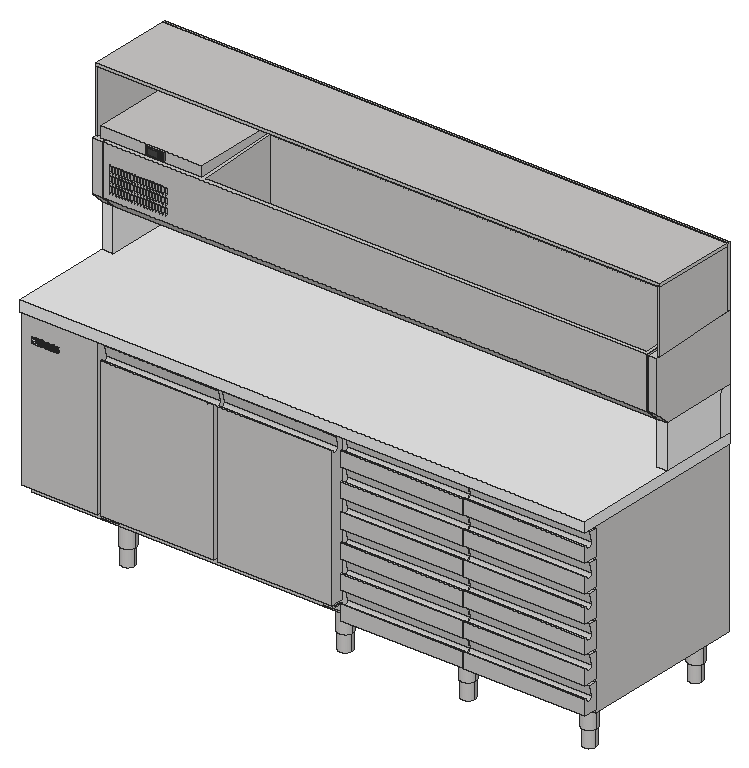
Revit family "QF_ELECTROLUXPROFESSIONAL_725189_RCSH2D12W", category Attrezzature speciali, Revit 2021 (continued)
Definition of nested family "ELX_REF_PZ"
  Lines and regions (mm)
    Split face 27
      outline origin (110, -152, 50) x (1, 0, 0) y (0, 1, 0)
        loop
          arc (-176.464, 195.824) -> (-172.464, 199.824) -> (-176.464, 203.824) r 4
          line (-176.464, 203.824) -> (-218.464, 203.824)
    Split face 28
      outline origin (220, -152, 50) x (1, 0, 0) y (0, 1, 0)
        loop
          arc (-273.464, 203.824) -> (-277.464, 199.824) -> (-273.464, 195.824) r 4
          line (-273.464, 195.824) -> (-231.464, 195.824)
          arc (-231.464, 195.824) -> (-227.464, 199.824) -> (-231.464, 203.824) r 4
          line (-231.464, 203.824) -> (-273.464, 203.824)
    Split face 29
      outline origin (0, -176, 50) x (1, 0, 0) y (0, 1, 0)
        loop
          arc (-163.464, 215.824) -> (-167.464, 211.824) -> (-163.464, 207.824) r 4
          line (-163.464, 207.824) -> (-121.464, 207.824)
          arc (-121.464, 207.824) -> (-117.464, 211.824) -> (-121.464, 215.824) r 4
          line (-121.464, 215.824) -> (-163.464, 215.824)
    Split face 30
      outline origin (330, -176, 50) x (1, 0, 0) y (0, 1, 0)
        loop
          arc (-328.464, 215.824) -> (-332.464, 211.824) -> (-328.464, 207.824) r 4
          line (-328.464, 207.824) -> (-286.464, 207.824)
          arc (-286.464, 207.824) -> (-282.464, 211.824) -> (-286.464, 215.824) r 4
          line (-286.464, 215.824) -> (-328.464, 215.824)
    Split face 31
      outline origin (110, -176, 50) x (1, 0, 0) y (0, 1, 0)
        loop
          arc (-218.464, 215.824) -> (-222.464, 211.824) -> (-218.464, 207.824) r 4
          line (-218.464, 207.824) -> (-176.464, 207.824)
          arc (-176.464, 207.824) -> (-172.464, 211.824) -> (-176.464, 215.824) r 4
          line (-176.464, 215.824) -> (-218.464, 215.824)
    Split face 32
      outline origin (220, -176, 50) x (1, 0, 0) y (0, 1, 0)
        loop
          arc (-273.464, 215.824) -> (-277.464, 211.824) -> (-273.464, 207.824) r 4
          line (-273.464, 207.824) -> (-231.464, 207.824)
          arc (-231.464, 207.824) -> (-227.464, 211.824) -> (-231.464, 215.824) r 4
          line (-231.464, 215.824) -> (-273.464, 215.824)
    Split face 33
      outline origin (0, -200, 50) x (1, 0, 0) y (0, 1, 0)
        loop
          arc (-163.464, 227.824) -> (-167.464, 223.824) -> (-163.464, 219.824) r 4
          line (-163.464, 219.824) -> (-121.464, 219.824)
          arc (-121.464, 219.824) -> (-117.464, 223.824) -> (-121.464, 227.824) r 4
          line (-121.464, 227.824) -> (-163.464, 227.824)
    Split face 34
      outline origin (330, -200, 50) x (1, 0, 0) y (0, 1, 0)
        loop
          arc (-328.464, 227.824) -> (-332.464, 223.824) -> (-328.464, 219.824) r 4
          line (-328.464, 219.824) -> (-286.464, 219.824)
          arc (-286.464, 219.824) -> (-282.464, 223.824) -> (-286.464, 227.824) r 4
          line (-286.464, 227.824) -> (-328.464, 227.824)
    Split face 35
      outline origin (110, -200, 50) x (1, 0, 0) y (0, 1, 0)
        loop
          arc (-218.464, 227.824) -> (-222.464, 223.824) -> (-218.464, 219.824) r 4
          line (-218.464, 219.824) -> (-176.464, 219.824)
          arc (-176.464, 219.824) -> (-172.464, 223.824) -> (-176.464, 227.824) r 4
          line (-176.464, 227.824) -> (-218.464, 227.824)
    Split face 36
      outline origin (220, -200, 50) x (1, 0, 0) y (0, 1, 0)
        loop
          arc (-273.464, 227.824) -> (-277.464, 223.824) -> (-273.464, 219.824) r 4
          line (-273.464, 219.824) -> (-231.464, 219.824)
          arc (-231.464, 219.824) -> (-227.464, 223.824) -> (-231.464, 227.824) r 4
          line (-231.464, 227.824) -> (-273.464, 227.824)
    Split face 37
      outline origin (0, -224, 50) x (1, 0, 0) y (0, 1, 0)
        loop
          arc (-163.464, 239.824) -> (-167.464, 235.824) -> (-163.464, 231.824) r 4
          line (-163.464, 231.824) -> (-121.464, 231.824)
          arc (-121.464, 231.824) -> (-117.464, 235.824) -> (-121.464, 239.824) r 4
          line (-121.464, 239.824) -> (-163.464, 239.824)
    Split face 38
      outline origin (330, -224, 50) x (1, 0, 0) y (0, 1, 0)
        loop
          arc (-328.464, 239.824) -> (-332.464, 235.824) -> (-328.464, 231.824) r 4
          line (-328.464, 231.824) -> (-286.464, 231.824)
          arc (-286.464, 231.824) -> (-282.464, 235.824) -> (-286.464, 239.824) r 4
          line (-286.464, 239.824) -> (-328.464, 239.824)
    Split face 39
      outline origin (110, -224, 50) x (1, 0, 0) y (0, 1, 0)
        loop
          arc (-218.464, 239.824) -> (-222.464, 235.824) -> (-218.464, 231.824) r 4
          line (-218.464, 231.824) -> (-176.464, 231.824)
          arc (-176.464, 231.824) -> (-172.464, 235.824) -> (-176.464, 239.824) r 4
          line (-176.464, 239.824) -> (-218.464, 239.824)
    Split face 40
      outline origin (220, -224, 50) x (1, 0, 0) y (0, 1, 0)
        loop
          arc (-273.464, 239.824) -> (-277.464, 235.824) -> (-273.464, 231.824) r 4
          line (-273.464, 231.824) -> (-231.464, 231.824)
          arc (-231.464, 231.824) -> (-227.464, 235.824) -> (-231.464, 239.824) r 4
          line (-231.464, 239.824) -> (-273.464, 239.824)
    Split face 41
      outline origin (0, -248, 50) x (1, 0, 0) y (0, 1, 0)
        loop
          arc (-163.464, 251.824) -> (-167.464, 247.824) -> (-163.464, 243.824) r 4
          line (-163.464, 243.824) -> (-121.464, 243.824)
          arc (-121.464, 243.824) -> (-117.464, 247.824) -> (-121.464, 251.824) r 4
          line (-121.464, 251.824) -> (-163.464, 251.824)
    Split face 42
      outline origin (330, -248, 50) x (1, 0, 0) y (0, 1, 0)
        loop
          arc (-328.464, 251.824) -> (-332.464, 247.824) -> (-328.464, 243.824) r 4
          line (-328.464, 243.824) -> (-286.464, 243.824)
          arc (-286.464, 243.824) -> (-282.464, 247.824) -> (-286.464, 251.824) r 4
          line (-286.464, 251.824) -> (-328.464, 251.824)
    Split face 43
      outline origin (110, -248, 50) x (1, 0, 0) y (0, 1, 0)
        loop
          arc (-218.464, 251.824) -> (-222.464, 247.824) -> (-218.464, 243.824) r 4
          line (-218.464, 243.824) -> (-176.464, 243.824)
          arc (-176.464, 243.824) -> (-172.464, 247.824) -> (-176.464, 251.824) r 4
          line (-176.464, 251.824) -> (-218.464, 251.824)
    Split face 44
      outline origin (220, -248, 50) x (1, 0, 0) y (0, 1, 0)
        loop
          arc (-273.464, 251.824) -> (-277.464, 247.824) -> (-273.464, 243.824) r 4
          line (-273.464, 243.824) -> (-231.464, 243.824)
          arc (-231.464, 243.824) -> (-227.464, 247.824) -> (-231.464, 251.824) r 4
          line (-231.464, 251.824) -> (-273.464, 251.824)
    Split face 45
      outline origin (0, -272, 50) x (1, 0, 0) y (0, 1, 0)
        loop
          arc (-163.464, 263.824) -> (-167.464, 259.824) -> (-163.464, 255.824) r 4
          line (-163.464, 255.824) -> (-121.464, 255.824)
          arc (-121.464, 255.824) -> (-117.464, 259.824) -> (-121.464, 263.824) r 4
          line (-121.464, 263.824) -> (-163.464, 263.824)
    Split face 46
      outline origin (330, -272, 50) x (1, 0, 0) y (0, 1, 0)
        loop
          arc (-328.464, 263.824) -> (-332.464, 259.824) -> (-328.464, 255.824) r 4
          line (-328.464, 255.824) -> (-286.464, 255.824)
          arc (-286.464, 255.824) -> (-282.464, 259.824) -> (-286.464, 263.824) r 4
          line (-286.464, 263.824) -> (-328.464, 263.824)
    Split face 47
      outline origin (110, -272, 50) x (1, 0, 0) y (0, 1, 0)
        loop
          arc (-218.464, 263.824) -> (-222.464, 259.824) -> (-218.464, 255.824) r 4
          line (-218.464, 255.824) -> (-176.464, 255.824)
          arc (-176.464, 255.824) -> (-172.464, 259.824) -> (-176.464, 263.824) r 4
          line (-176.464, 263.824) -> (-218.464, 263.824)
    Split face 48
      outline origin (220, -272, 50) x (1, 0, 0) y (0, 1, 0)
        loop
          arc (-273.464, 263.824) -> (-277.464, 259.824) -> (-273.464, 255.824) r 4
          line (-273.464, 255.824) -> (-231.464, 255.824)
          arc (-231.464, 255.824) -> (-227.464, 259.824) -> (-231.464, 263.824) r 4
          line (-231.464, 263.824) -> (-273.464, 263.824)
    Split face 49
      outline origin (0, -296, 50) x (1, 0, 0) y (0, 1, 0)
        loop
          arc (-163.464, 275.824) -> (-167.464, 271.824) -> (-163.464, 267.824) r 4
          line (-163.464, 267.824) -> (-121.464, 267.824)
          arc (-121.464, 267.824) -> (-117.464, 271.824) -> (-121.464, 275.824) r 4
          line (-121.464, 275.824) -> (-163.464, 275.824)
    Split face 50
      outline origin (330, -296, 50) x (1, 0, 0) y (0, 1, 0)
        loop
          arc (-328.464, 275.824) -> (-332.464, 271.824) -> (-328.464, 267.824) r 4
          line (-328.464, 267.824) -> (-286.464, 267.824)
          arc (-286.464, 267.824) -> (-282.464, 271.824) -> (-286.464, 275.824) r 4
          line (-286.464, 275.824) -> (-328.464, 275.824)
    Split face 51
      outline origin (110, -296, 50) x (1, 0, 0) y (0, 1, 0)
        loop
          arc (-218.464, 275.824) -> (-222.464, 271.824) -> (-218.464, 267.824) r 4
          line (-218.464, 267.824) -> (-176.464, 267.824)
          arc (-176.464, 267.824) -> (-172.464, 271.824) -> (-176.464, 275.824) r 4
          line (-176.464, 275.824) -> (-218.464, 275.824)
    Split face 52
      outline origin (220, -296, 50) x (1, 0, 0) y (0, 1, 0)
        loop
          arc (-273.464, 275.824) -> (-277.464, 271.824) -> (-273.464, 267.824) r 4
          line (-273.464, 267.824) -> (-231.464, 267.824)
          arc (-231.464, 267.824) -> (-227.464, 271.824) -> (-231.464, 275.824) r 4
          line (-231.464, 275.824) -> (-273.464, 275.824)
    Split face 53
      outline origin (0, -663.3, 50) x (1, 0, 0) y (0, 1, 0)
        loop
          arc (-163.464, 513.474) -> (-167.464, 509.474) -> (-163.464, 505.474) r 4
          line (-163.464, 505.474) -> (-121.464, 505.474)
          arc (-121.464, 505.474) -> (-117.464, 509.474) -> (-121.464, 513.474) r 4
          line (-121.464, 513.474) -> (-163.464, 513.474)
    Split face 54
      outline origin (330, -663.3, 50) x (1, 0, 0) y (0, 1, 0)
        loop
          arc (-328.464, 513.474) -> (-332.464, 509.474) -> (-328.464, 505.474) r 4
          line (-328.464, 505.474) -> (-286.464, 505.474)
          arc (-286.464, 505.474) -> (-282.464, 509.474) -> (-286.464, 513.474) r 4
          line (-286.464, 513.474) -> (-328.464, 513.474)
    Split face 55
      outline origin (110, -663.3, 50) x (1, 0, 0) y (0, 1, 0)
        loop
          arc (-218.464, 513.474) -> (-222.464, 509.474) -> (-218.464, 505.474) r 4
          line (-218.464, 505.474) -> (-176.464, 505.474)
          arc (-176.464, 505.474) -> (-172.464, 509.474) -> (-176.464, 513.474) r 4
          line (-176.464, 513.474) -> (-218.464, 513.474)
    Split face 56
      outline origin (220, -663.3, 50) x (1, 0, 0) y (0, 1, 0)
        loop
          arc (-273.464, 513.474) -> (-277.464, 509.474) -> (-273.464, 505.474) r 4
          line (-273.464, 505.474) -> (-231.464, 505.474)
          arc (-231.464, 505.474) -> (-227.464, 509.474) -> (-231.464, 513.474) r 4
          line (-231.464, 513.474) -> (-273.464, 513.474)
    Split face 57
      outline origin (0, -687.3, 50) x (1, 0, 0) y (0, 1, 0)
        loop
          arc (-163.464, 525.474) -> (-167.464, 521.474) -> (-163.464, 517.474) r 4
          line (-163.464, 517.474) -> (-121.464, 517.474)
          arc (-121.464, 517.474) -> (-117.464, 521.474) -> (-121.464, 525.474) r 4
          line (-121.464, 525.474) -> (-163.464, 525.474)
    Split face 58
      outline origin (330, -687.3, 50) x (1, 0, 0) y (0, 1, 0)
        loop
          arc (-328.464, 525.474) -> (-332.464, 521.474) -> (-328.464, 517.474) r 4
          line (-328.464, 517.474) -> (-286.464, 517.474)
          arc (-286.464, 517.474) -> (-282.464, 521.474) -> (-286.464, 525.474) r 4
          line (-286.464, 525.474) -> (-328.464, 525.474)
    Split face 59
      outline origin (110, -687.3, 50) x (1, 0, 0) y (0, 1, 0)
        loop
          arc (-218.464, 525.474) -> (-222.464, 521.474) -> (-218.464, 517.474) r 4
          line (-218.464, 517.474) -> (-176.464, 517.474)
          arc (-176.464, 517.474) -> (-172.464, 521.474) -> (-176.464, 525.474) r 4
          line (-176.464, 525.474) -> (-218.464, 525.474)
    Split face 60
      outline origin (220, -687.3, 50) x (1, 0, 0) y (0, 1, 0)
        loop
          arc (-273.464, 525.474) -> (-277.464, 521.474) -> (-273.464, 517.474) r 4
          line (-273.464, 517.474) -> (-231.464, 517.474)
          arc (-231.464, 517.474) -> (-227.464, 521.474) -> (-231.464, 525.474) r 4
          line (-231.464, 525.474) -> (-273.464, 525.474)
    Split face 61
      outline origin (0, -711.3, 50) x (1, 0, 0) y (0, 1, 0)
        loop
          arc (-163.464, 537.474) -> (-167.464, 533.474) -> (-163.464, 529.474) r 4
          line (-163.464, 529.474) -> (-121.464, 529.474)
          arc (-121.464, 529.474) -> (-117.464, 533.474) -> (-121.464, 537.474) r 4
          line (-121.464, 537.474) -> (-163.464, 537.474)
    Split face 62
      outline origin (330, -711.3, 50) x (1, 0, 0) y (0, 1, 0)
        loop
          arc (-328.464, 537.474) -> (-332.464, 533.474) -> (-328.464, 529.474) r 4
          line (-328.464, 529.474) -> (-286.464, 529.474)
          arc (-286.464, 529.474) -> (-282.464, 533.474) -> (-286.464, 537.474) r 4
          line (-286.464, 537.474) -> (-328.464, 537.474)
    Split face 63
      outline origin (110, -711.3, 50) x (1, 0, 0) y (0, 1, 0)
        loop
          arc (-218.464, 537.474) -> (-222.464, 533.474) -> (-218.464, 529.474) r 4
          line (-218.464, 529.474) -> (-176.464, 529.474)
          arc (-176.464, 529.474) -> (-172.464, 533.474) -> (-176.464, 537.474) r 4
          line (-176.464, 537.474) -> (-218.464, 537.474)
    Split face 64
      outline origin (220, -711.3, 50) x (1, 0, 0) y (0, 1, 0)
        loop
          arc (-273.464, 537.474) -> (-277.464, 533.474) -> (-273.464, 529.474) r 4
          line (-273.464, 529.474) -> (-231.464, 529.474)
          arc (-231.464, 529.474) -> (-227.464, 533.474) -> (-231.464, 537.474) r 4
          line (-231.464, 537.474) -> (-273.464, 537.474)
    Split face 65
      outline origin (0, -735.3, 50) x (1, 0, 0) y (0, 1, 0)
        loop
          arc (-163.464, 549.474) -> (-167.464, 545.474) -> (-163.464, 541.474) r 4
          line (-163.464, 541.474) -> (-121.464, 541.474)
          arc (-121.464, 541.474) -> (-117.464, 545.474) -> (-121.464, 549.474) r 4
          line (-121.464, 549.474) -> (-163.464, 549.474)
    Split face 66
      outline origin (330, -735.3, 50) x (1, 0, 0) y (0, 1, 0)
        loop
          arc (-328.464, 549.474) -> (-332.464, 545.474) -> (-328.464, 541.474) r 4
          line (-328.464, 541.474) -> (-286.464, 541.474)
          arc (-286.464, 541.474) -> (-282.464, 545.474) -> (-286.464, 549.474) r 4
          line (-286.464, 549.474) -> (-328.464, 549.474)
    Split face 67
      outline origin (110, -735.3, 50) x (1, 0, 0) y (0, 1, 0)
        loop
          arc (-218.464, 549.474) -> (-222.464, 545.474) -> (-218.464, 541.474) r 4
          line (-218.464, 541.474) -> (-176.464, 541.474)
          arc (-176.464, 541.474) -> (-172.464, 545.474) -> (-176.464, 549.474) r 4
          line (-176.464, 549.474) -> (-218.464, 549.474)
    Split face 68
      outline origin (220, -735.3, 50) x (1, 0, 0) y (0, 1, 0)
        loop
          arc (-273.464, 549.474) -> (-277.464, 545.474) -> (-273.464, 541.474) r 4
          line (-273.464, 541.474) -> (-231.464, 541.474)
          arc (-231.464, 541.474) -> (-227.464, 545.474) -> (-231.464, 549.474) r 4
          line (-231.464, 549.474) -> (-273.464, 549.474)
    Split face 69
      outline origin (0, -759.3, 50) x (1, 0, 0) y (0, 1, 0)
        loop
          arc (-163.464, 561.474) -> (-167.464, 557.474) -> (-163.464, 553.474) r 4
          line (-163.464, 553.474) -> (-121.464, 553.474)
          arc (-121.464, 553.474) -> (-117.464, 557.474) -> (-121.464, 561.474) r 4
          line (-121.464, 561.474) -> (-163.464, 561.474)
    Split face 70
      outline origin (330, -759.3, 50) x (1, 0, 0) y (0, 1, 0)
        loop
          arc (-328.464, 561.474) -> (-332.464, 557.474) -> (-328.464, 553.474) r 4
          line (-328.464, 553.474) -> (-286.464, 553.474)
          arc (-286.464, 553.474) -> (-282.464, 557.474) -> (-286.464, 561.474) r 4
          line (-286.464, 561.474) -> (-328.464, 561.474)
    Split face 71
      outline origin (110, -759.3, 50) x (1, 0, 0) y (0, 1, 0)
        loop
          arc (-218.464, 561.474) -> (-222.464, 557.474) -> (-218.464, 553.474) r 4
          line (-218.464, 553.474) -> (-176.464, 553.474)
          arc (-176.464, 553.474) -> (-172.464, 557.474) -> (-176.464, 561.474) r 4
          line (-176.464, 561.474) -> (-218.464, 561.474)
    Split face 72
      outline origin (220, -759.3, 50) x (1, 0, 0) y (0, 1, 0)
        loop
          arc (-273.464, 561.474) -> (-277.464, 557.474) -> (-273.464, 553.474) r 4
          line (-273.464, 553.474) -> (-231.464, 553.474)
          arc (-231.464, 553.474) -> (-227.464, 557.474) -> (-231.464, 561.474) r 4
          line (-231.464, 561.474) -> (-273.464, 561.474)
    Split face 73
      outline origin (0, -783.3, 50) x (1, 0, 0) y (0, 1, 0)
        loop
          arc (-163.464, 573.474) -> (-167.464, 569.474) -> (-163.464, 565.474) r 4
          line (-163.464, 565.474) -> (-121.464, 565.474)
          arc (-121.464, 565.474) -> (-117.464, 569.474) -> (-121.464, 573.474) r 4
          line (-121.464, 573.474) -> (-163.464, 573.474)
    Split face 74
      outline origin (330, -783.3, 50) x (1, 0, 0) y (0, 1, 0)
        loop
          arc (-328.464, 573.474) -> (-332.464, 569.474) -> (-328.464, 565.474) r 4
          line (-328.464, 565.474) -> (-286.464, 565.474)
          arc (-286.464, 565.474) -> (-282.464, 569.474) -> (-286.464, 573.474) r 4
          line (-286.464, 573.474) -> (-328.464, 573.474)
    Split face 75
      outline origin (110, -783.3, 50) x (1, 0, 0) y (0, 1, 0)
        loop
          arc (-218.464, 573.474) -> (-222.464, 569.474) -> (-218.464, 565.474) r 4
          line (-218.464, 565.474) -> (-176.464, 565.474)
          arc (-176.464, 565.474) -> (-172.464, 569.474) -> (-176.464, 573.474) r 4
          line (-176.464, 573.474) -> (-218.464, 573.474)
    Split face 76
      outline origin (220, -783.3, 50) x (1, 0, 0) y (0, 1, 0)
        loop
          arc (-273.464, 573.474) -> (-277.464, 569.474) -> (-273.464, 565.474) r 4
          line (-273.464, 565.474) -> (-231.464, 565.474)
          arc (-231.464, 565.474) -> (-227.464, 569.474) -> (-231.464, 573.474) r 4
          line (-231.464, 573.474) -> (-273.464, 573.474)
    Split face 77
      outline origin (0, -807.3, 50) x (1, 0, 0) y (0, 1, 0)
        loop
          arc (-163.464, 585.474) -> (-167.464, 581.474) -> (-163.464, 577.474) r 4
          line (-163.464, 577.474) -> (-121.464, 577.474)
          arc (-121.464, 577.474) -> (-117.464, 581.474) -> (-121.464, 585.474) r 4
          line (-121.464, 585.474) -> (-163.464, 585.474)
    Split face 78
      outline origin (330, -807.3, 50) x (1, 0, 0) y (0, 1, 0)
        loop
          arc (-328.464, 585.474) -> (-332.464, 581.474) -> (-328.464, 577.474) r 4
          line (-328.464, 577.474) -> (-286.464, 577.474)
          arc (-286.464, 577.474) -> (-282.464, 581.474) -> (-286.464, 585.474) r 4
          line (-286.464, 585.474) -> (-328.464, 585.474)
    Split face 79
      outline origin (110, -807.3, 50) x (1, 0, 0) y (0, 1, 0)
        loop
          arc (-218.464, 585.474) -> (-222.464, 581.474) -> (-218.464, 577.474) r 4
          line (-218.464, 577.474) -> (-176.464, 577.474)
          arc (-176.464, 577.474) -> (-172.464, 581.474) -> (-176.464, 585.474) r 4
          line (-176.464, 585.474) -> (-218.464, 585.474)
    Split face 80
      outline origin (220, -807.3, 50) x (1, 0, 0) y (0, 1, 0)
        loop
          arc (-273.464, 585.474) -> (-277.464, 581.474) -> (-273.464, 577.474) r 4
          line (-273.464, 577.474) -> (-231.464, 577.474)
          arc (-231.464, 577.474) -> (-227.464, 581.474) -> (-231.464, 585.474) r 4
          line (-231.464, 585.474) -> (-273.464, 585.474)
    Split face 81
      outline origin (0, -831.3, 50) x (1, 0, 0) y (0, 1, 0)
        loop
          arc (-163.464, 597.474) -> (-167.464, 593.474) -> (-163.464, 589.474) r 4
          line (-163.464, 589.474) -> (-121.464, 589.474)
          arc (-121.464, 589.474) -> (-117.464, 593.474) -> (-121.464, 597.474) r 4
          line (-121.464, 597.474) -> (-163.464, 597.474)
    Split face 82
      outline origin (330, -831.3, 50) x (1, 0, 0) y (0, 1, 0)
        loop
          arc (-328.464, 597.474) -> (-332.464, 593.474) -> (-328.464, 589.474) r 4
          line (-328.464, 589.474) -> (-286.464, 589.474)
          arc (-286.464, 589.474) -> (-282.464, 593.474) -> (-286.464, 597.474) r 4
          line (-286.464, 597.474) -> (-328.464, 597.474)
    Split face 83
      outline origin (110, -831.3, 50) x (1, 0, 0) y (0, 1, 0)
        loop
          arc (-218.464, 597.474) -> (-222.464, 593.474) -> (-218.464, 589.474) r 4
          line (-218.464, 589.474) -> (-176.464, 589.474)
          arc (-176.464, 589.474) -> (-172.464, 593.474) -> (-176.464, 597.474) r 4
          line (-176.464, 597.474) -> (-218.464, 597.474)
    Split face 84
      outline origin (220, -831.3, 50) x (1, 0, 0) y (0, 1, 0)
        loop
          arc (-273.464, 597.474) -> (-277.464, 593.474) -> (-273.464, 589.474) r 4
          line (-273.464, 589.474) -> (-231.464, 589.474)
          arc (-231.464, 589.474) -> (-227.464, 593.474) -> (-231.464, 597.474) r 4
          line (-231.464, 597.474) -> (-273.464, 597.474)
    Split face 85
      outline origin (0, -855.3, 50) x (1, 0, 0) y (0, 1, 0)
        loop
          arc (-163.464, 609.474) -> (-167.464, 605.474) -> (-163.464, 601.474) r 4
          line (-163.464, 601.474) -> (-121.464, 601.474)
          arc (-121.464, 601.474) -> (-117.464, 605.474) -> (-121.464, 609.474) r 4
          line (-121.464, 609.474) -> (-163.464, 609.474)
    Split face 86
      outline origin (330, -855.3, 50) x (1, 0, 0) y (0, 1, 0)
        loop
          arc (-328.464, 609.474) -> (-332.464, 605.474) -> (-328.464, 601.474) r 4
          line (-328.464, 601.474) -> (-286.464, 601.474)
          arc (-286.464, 601.474) -> (-282.464, 605.474) -> (-286.464, 609.474) r 4
          line (-286.464, 609.474) -> (-328.464, 609.474)
    Split face 87
      outline origin (110, -855.3, 50) x (1, 0, 0) y (0, 1, 0)
        loop
          arc (-218.464, 609.474) -> (-222.464, 605.474) -> (-218.464, 601.474) r 4
          line (-218.464, 601.474) -> (-176.464, 601.474)
          arc (-176.464, 601.474) -> (-172.464, 605.474) -> (-176.464, 609.474) r 4
          line (-176.464, 609.474) -> (-218.464, 609.474)
    Split face 88
      outline origin (220, -855.3, 50) x (1, 0, 0) y (0, 1, 0)
        loop
          arc (-273.464, 609.474) -> (-277.464, 605.474) -> (-273.464, 601.474) r 4
          line (-273.464, 601.474) -> (-231.464, 601.474)
          arc (-231.464, 601.474) -> (-227.464, 605.474) -> (-231.464, 609.474) r 4
          line (-231.464, 609.474) -> (-273.464, 609.474)
    Split face 89
      outline origin (0, -879.3, 50) x (1, 0, 0) y (0, 1, 0)
        loop
          arc (-163.464, 621.474) -> (-167.464, 617.474) -> (-163.464, 613.474) r 4
          line (-163.464, 613.474) -> (-121.464, 613.474)
          arc (-121.464, 613.474) -> (-117.464, 617.474) -> (-121.464, 621.474) r 4
          line (-121.464, 621.474) -> (-163.464, 621.474)
    Split face 90
      outline origin (330, -879.3, 50) x (1, 0, 0) y (0, 1, 0)
        loop
          arc (-328.464, 621.474) -> (-332.464, 617.474) -> (-328.464, 613.474) r 4
          line (-328.464, 613.474) -> (-286.464, 613.474)
          arc (-286.464, 613.474) -> (-282.464, 617.474) -> (-286.464, 621.474) r 4
          line (-286.464, 621.474) -> (-328.464, 621.474)
    Split face 91
      outline origin (110, -879.3, 50) x (1, 0, 0) y (0, 1, 0)
        loop
          arc (-218.464, 621.474) -> (-222.464, 617.474) -> (-218.464, 613.474) r 4
          line (-218.464, 613.474) -> (-176.464, 613.474)
          arc (-176.464, 613.474) -> (-172.464, 617.474) -> (-176.464, 621.474) r 4
          line (-176.464, 621.474) -> (-218.464, 621.474)
    Split face 92
      outline origin (220, -879.3, 50) x (1, 0, 0) y (0, 1, 0)
        loop
          arc (-273.464, 621.474) -> (-277.464, 617.474) -> (-273.464, 613.474) r 4
          line (-273.464, 613.474) -> (-231.464, 613.474)
          arc (-231.464, 613.474) -> (-227.464, 617.474) -> (-231.464, 621.474) r 4
          line (-231.464, 621.474) -> (-273.464, 621.474)
    Split face 93
      outline origin (0, -903.3, 50) x (1, 0, 0) y (0, 1, 0)
        loop
          arc (-163.464, 633.474) -> (-167.464, 629.474) -> (-163.464, 625.474) r 4
          line (-163.464, 625.474) -> (-121.464, 625.474)
          arc (-121.464, 625.474) -> (-117.464, 629.474) -> (-121.464, 633.474) r 4
          line (-121.464, 633.474) -> (-163.464, 633.474)
    Split face 94
      outline origin (330, -903.3, 50) x (1, 0, 0) y (0, 1, 0)
        loop
          arc (-328.464, 633.474) -> (-332.464, 629.474) -> (-328.464, 625.474) r 4
          line (-328.464, 625.474) -> (-286.464, 625.474)
          arc (-286.464, 625.474) -> (-282.464, 629.474) -> (-286.464, 633.474) r 4
          line (-286.464, 633.474) -> (-328.464, 633.474)
    Split face 95
      outline origin (110, -903.3, 50) x (1, 0, 0) y (0, 1, 0)
        loop
          arc (-218.464, 633.474) -> (-222.464, 629.474) -> (-218.464, 625.474) r 4
          line (-218.464, 625.474) -> (-176.464, 625.474)
          arc (-176.464, 625.474) -> (-172.464, 629.474) -> (-176.464, 633.474) r 4
          line (-176.464, 633.474) -> (-218.464, 633.474)
    Split face 96
      outline origin (220, -903.3, 50) x (1, 0, 0) y (0, 1, 0)
        loop
          arc (-273.464, 633.474) -> (-277.464, 629.474) -> (-273.464, 625.474) r 4
          line (-273.464, 625.474) -> (-231.464, 625.474)
          arc (-231.464, 625.474) -> (-227.464, 629.474) -> (-231.464, 633.474) r 4
          line (-231.464, 633.474) -> (-273.464, 633.474)
    Split face 97
      outline origin (0, -927.3, 50) x (1, 0, 0) y (0, 1, 0)
        loop
          arc (-163.464, 645.474) -> (-167.464, 641.474) -> (-163.464, 637.474) r 4
          line (-163.464, 637.474) -> (-121.464, 637.474)
          arc (-121.464, 637.474) -> (-117.464, 641.474) -> (-121.464, 645.474) r 4
          line (-121.464, 645.474) -> (-163.464, 645.474)
    Split face 98
      outline origin (330, -927.3, 50) x (1, 0, 0) y (0, 1, 0)
        loop
          arc (-328.464, 645.474) -> (-332.464, 641.474) -> (-328.464, 637.474) r 4
          line (-328.464, 637.474) -> (-286.464, 637.474)
          arc (-286.464, 637.474) -> (-282.464, 641.474) -> (-286.464, 645.474) r 4
          line (-286.464, 645.474) -> (-328.464, 645.474)
    Split face 99
      outline origin (110, -927.3, 50) x (1, 0, 0) y (0, 1, 0)
        loop
          arc (-218.464, 645.474) -> (-222.464, 641.474) -> (-218.464, 637.474) r 4
          line (-218.464, 637.474) -> (-176.464, 637.474)
          arc (-176.464, 637.474) -> (-172.464, 641.474) -> (-176.464, 645.474) r 4
          line (-176.464, 645.474) -> (-218.464, 645.474)
    Split face 100
      outline origin (220, -927.3, 50) x (1, 0, 0) y (0, 1, 0)
        loop
          arc (-273.464, 645.474) -> (-277.464, 641.474) -> (-273.464, 637.474) r 4
          line (-273.464, 637.474) -> (-231.464, 637.474)
          arc (-231.464, 637.474) -> (-227.464, 641.474) -> (-231.464, 645.474) r 4
          line (-231.464, 645.474) -> (-273.464, 645.474)
    Split face 101
      outline origin (0, -951.3, 50) x (1, 0, 0) y (0, 1, 0)
        loop
          arc (-163.464, 657.474) -> (-167.464, 653.474) -> (-163.464, 649.474) r 4
          line (-163.464, 649.474) -> (-121.464, 649.474)
          arc (-121.464, 649.474) -> (-117.464, 653.474) -> (-121.464, 657.474) r 4
          line (-121.464, 657.474) -> (-163.464, 657.474)
    Split face 102
      outline origin (330, -951.3, 50) x (1, 0, 0) y (0, 1, 0)
        loop
          arc (-328.464, 657.474) -> (-332.464, 653.474) -> (-328.464, 649.474) r 4
          line (-328.464, 649.474) -> (-286.464, 649.474)
          arc (-286.464, 649.474) -> (-282.464, 653.474) -> (-286.464, 657.474) r 4
          line (-286.464, 657.474) -> (-328.464, 657.474)
    Split face 103
      outline origin (110, -951.3, 50) x (1, 0, 0) y (0, 1, 0)
        loop
          arc (-218.464, 657.474) -> (-222.464, 653.474) -> (-218.464, 649.474) r 4
          line (-218.464, 649.474) -> (-176.464, 649.474)
          arc (-176.464, 649.474) -> (-172.464, 653.474) -> (-176.464, 657.474) r 4
          line (-176.464, 657.474) -> (-218.464, 657.474)
    Split face 104
      outline origin (220, -951.3, 50) x (1, 0, 0) y (0, 1, 0)
        loop
          arc (-273.464, 657.474) -> (-277.464, 653.474) -> (-273.464, 649.474) r 4
          line (-273.464, 649.474) -> (-231.464, 649.474)
          arc (-231.464, 649.474) -> (-227.464, 653.474) -> (-231.464, 657.474) r 4
          line (-231.464, 657.474) -> (-273.464, 657.474)
    Split face 105
      outline origin (0, -975.3, 50) x (1, 0, 0) y (0, 1, 0)
        loop
          arc (-163.464, 669.474) -> (-167.464, 665.474) -> (-163.464, 661.474) r 4
          line (-163.464, 661.474) -> (-121.464, 661.474)
          arc (-121.464, 661.474) -> (-117.464, 665.474) -> (-121.464, 669.474) r 4
          line (-121.464, 669.474) -> (-163.464, 669.474)
    Split face 106
      outline origin (330, -975.3, 50) x (1, 0, 0) y (0, 1, 0)
        loop
          arc (-328.464, 669.474) -> (-332.464, 665.474) -> (-328.464, 661.474) r 4
          line (-328.464, 661.474) -> (-286.464, 661.474)
          arc (-286.464, 661.474) -> (-282.464, 665.474) -> (-286.464, 669.474) r 4
          line (-286.464, 669.474) -> (-328.464, 669.474)
    Split face 107
      outline origin (110, -975.3, 50) x (1, 0, 0) y (0, 1, 0)
        loop
          arc (-218.464, 669.474) -> (-222.464, 665.474) -> (-218.464, 661.474) r 4
          line (-218.464, 661.474) -> (-176.464, 661.474)
          arc (-176.464, 661.474) -> (-172.464, 665.474) -> (-176.464, 669.474) r 4
          line (-176.464, 669.474) -> (-218.464, 669.474)
    Split face 108
      outline origin (220, -975.3, 50) x (1, 0, 0) y (0, 1, 0)
        loop
          arc (-273.464, 669.474) -> (-277.464, 665.474) -> (-273.464, 661.474) r 4
          line (-273.464, 661.474) -> (-231.464, 661.474)
          arc (-231.464, 661.474) -> (-227.464, 665.474) -> (-231.464, 669.474) r 4
          line (-231.464, 669.474) -> (-273.464, 669.474)
    Split face 109
      outline origin (0, -999.3, 50) x (1, 0, 0) y (0, 1, 0)
        loop
          arc (-163.464, 681.474) -> (-167.464, 677.474) -> (-163.464, 673.474) r 4
          line (-163.464, 673.474) -> (-121.464, 673.474)
          arc (-121.464, 673.474) -> (-117.464, 677.474) -> (-121.464, 681.474) r 4
          line (-121.464, 681.474) -> (-163.464, 681.474)
    Split face 110
      outline origin (330, -999.3, 50) x (1, 0, 0) y (0, 1, 0)
        loop
          arc (-328.464, 681.474) -> (-332.464, 677.474) -> (-328.464, 673.474) r 4
          line (-328.464, 673.474) -> (-286.464, 673.474)
          arc (-286.464, 673.474) -> (-282.464, 677.474) -> (-286.464, 681.474) r 4
          line (-286.464, 681.474) -> (-328.464, 681.474)
    Split face 111
      outline origin (110, -999.3, 50) x (1, 0, 0) y (0, 1, 0)
        loop
          arc (-218.464, 681.474) -> (-222.464, 677.474) -> (-218.464, 673.474) r 4
          line (-218.464, 673.474) -> (-176.464, 673.474)
          arc (-176.464, 673.474) -> (-172.464, 677.474) -> (-176.464, 681.474) r 4
          line (-176.464, 681.474) -> (-218.464, 681.474)
    Split face 112
      outline origin (220, -999.3, 50) x (1, 0, 0) y (0, 1, 0)
        loop
          arc (-273.464, 681.474) -> (-277.464, 677.474) -> (-273.464, 673.474) r 4
          line (-273.464, 673.474) -> (-231.464, 673.474)
          arc (-231.464, 673.474) -> (-227.464, 677.474) -> (-231.464, 681.474) r 4
          line (-231.464, 681.474) -> (-273.464, 681.474)
    Split face 113
      outline origin (0, -1023.3, 50) x (1, 0, 0) y (0, 1, 0)
        loop
          arc (-163.464, 693.474) -> (-167.464, 689.474) -> (-163.464, 685.474) r 4
          line (-163.464, 685.474) -> (-121.464, 685.474)
          arc (-121.464, 685.474) -> (-117.464, 689.474) -> (-121.464, 693.474) r 4
          line (-121.464, 693.474) -> (-163.464, 693.474)
    Split face 114
      outline origin (330, -1023.3, 50) x (1, 0, 0) y (0, 1, 0)
        loop
          arc (-328.464, 693.474) -> (-332.464, 689.474) -> (-328.464, 685.474) r 4
          line (-328.464, 685.474) -> (-286.464, 685.474)
          arc (-286.464, 685.474) -> (-282.464, 689.474) -> (-286.464, 693.474) r 4
          line (-286.464, 693.474) -> (-328.464, 693.474)
    Split face 115
      outline origin (110, -1023.3, 50) x (1, 0, 0) y (0, 1, 0)
        loop
          arc (-218.464, 693.474) -> (-222.464, 689.474) -> (-218.464, 685.474) r 4
          line (-218.464, 685.474) -> (-176.464, 685.474)
          arc (-176.464, 685.474) -> (-172.464, 689.474) -> (-176.464, 693.474) r 4
          line (-176.464, 693.474) -> (-218.464, 693.474)
    Split face 116
      outline origin (220, -1023.3, 50) x (1, 0, 0) y (0, 1, 0)
        loop
          arc (-273.464, 693.474) -> (-277.464, 689.474) -> (-273.464, 685.474) r 4
          line (-273.464, 685.474) -> (-231.464, 685.474)
          arc (-231.464, 685.474) -> (-227.464, 689.474) -> (-231.464, 693.474) r 4
          line (-231.464, 693.474) -> (-273.464, 693.474)
    Split face 117
      outline origin (0, 0, 50) x (1, 0, 0) y (0, 1, 0)
        loop
          line (-206.92, 142) -> (87.08, 142)
    Split face 118
      outline origin (0, 0, 50) x (1, 0, 0) y (0, 1, 0)
        loop
          line (-206.92, 192) -> (-187.489, 192) -> (-174.489, 187) -> (-94.489, 187) -> (-81.489, 192) -> (87.08, 192)
    Split face 119
      outline origin (0, 0, 50) x (1, 0, 0) y (0, 1, 0)
        loop
          line (-206.92, 197) -> (87.08, 197)
    Split face 120
      outline origin (0, 0, 50) x (1, 0, 0) y (0, 1, 0)
        loop
          line (-28.8, 185.654) -> (-28.8, 156.136) -> (41.2, 156.136) -> (41.2, 185.654) -> (-28.8, 185.654)
    Split face 121
      outline origin (0, 0, 50) x (1, 0, 0) y (0, 1, 0)
        loop
          line (-25.8, 182.654) -> (-25.8, 159.136) -> (15.775, 159.136) -> (15.775, 182.654) -> (-25.8, 182.654)
    Split face 122
      outline origin (0, 0, 50) x (1, 0, 0) y (0, 1, 0)
        loop
          line (19.2, 182.654) -> (19.2, 171.654) -> (27.2, 171.654) -> (27.2, 182.654) -> (19.2, 182.654)
    Split face 123
      outline origin (0, 0, 50) x (1, 0, 0) y (0, 1, 0)
        loop
          line (30.212, 182.654) -> (30.212, 171.654) -> (38.212, 171.654) -> (38.212, 182.654) -> (30.212, 182.654)
    Split face 124
      outline origin (0, 0, 50) x (1, 0, 0) y (0, 1, 0)
        loop
          line (19.2, 170.136) -> (19.2, 159.136) -> (27.2, 159.136) -> (27.2, 170.136) -> (19.2, 170.136)
    Split face 125
      outline origin (0, 0, 50) x (1, 0, 0) y (0, 1, 0)
        loop
          line (30.212, 170.136) -> (30.212, 159.136) -> (38.212, 159.136) -> (38.212, 170.136) -> (30.212, 170.136)
    symbolic lines
      curve 1: line (87.08, -49, 0) -> (87.08, -49, 50)
  Dimensions and locks
    equal spacing: plane 6, plane 1 "Center (Front/Back)", plane 7
    equal spacing: plane 4, plane 3 "Center (Left/Right)", plane 5
    aligned and locked: plane 2 to Extrusion 1
    aligned and locked: level to Extrusion 1
  Automatic sketch dimensions
    curve 1 to plane 5 = 0 mm
    curve 1 to level = 0 mm
    curve 1 to curve 1 = 50 mm
    Extrusion 1 sketch curve to Extrusion 1 sketch curve = 2438.4 mm  (x2)
    Extrusion 2 sketch curve to plane 4 = 0 mm
    Extrusion 2 sketch curve to plane 5 = 0 mm
    Extrusion 2 sketch curve to plane 7 = 0 mm
    Extrusion 2 sketch curve to plane 6 = 0 mm
    Split face 1 sketch curve to Extrusion 2 = 43.456 mm
    Split face 1 sketch curve to Split face 1 sketch curve = 42 mm
    Split face 1 sketch curve to Extrusion 2 = 136.176 mm
    Split face 1 sketch curve to Split face 1 sketch curve = 4 mm
    Split face 2 sketch curve to Extrusion 2 = 85.544 mm
    Split face 2 sketch curve to Split face 2 sketch curve = 42 mm
    Split face 2 sketch curve to Extrusion 2 = 136.176 mm
    Split face 2 sketch curve to Split face 2 sketch curve = 4 mm
    Split face 3 sketch curve to Extrusion 2 = 98.456 mm
    Split face 3 sketch curve to Split face 3 sketch curve = 42 mm
    Split face 3 sketch curve to Extrusion 2 = 136.176 mm
    Split face 3 sketch curve to Split face 3 sketch curve = 4 mm
    Split face 4 sketch curve to Extrusion 2 = 140.544 mm
    Split face 4 sketch curve to Split face 4 sketch curve = 42 mm
    Split face 4 sketch curve to Extrusion 2 = 136.176 mm
    Split face 4 sketch curve to Split face 4 sketch curve = 4 mm
    Split face 5 sketch curve to Extrusion 2 = 43.456 mm
    Split face 5 sketch curve to Split face 5 sketch curve = 42 mm
    Split face 5 sketch curve to Extrusion 2 = 148.176 mm
    Split face 5 sketch curve to Split face 5 sketch curve = 4 mm
    Split face 6 sketch curve to Extrusion 2 = 85.544 mm
    Split face 6 sketch curve to Split face 6 sketch curve = 42 mm
    Split face 6 sketch curve to Extrusion 2 = 148.176 mm
    Split face 6 sketch curve to Split face 6 sketch curve = 4 mm
    Split face 7 sketch curve to Extrusion 2 = 98.456 mm
    Split face 7 sketch curve to Split face 7 sketch curve = 42 mm
    Split face 7 sketch curve to Extrusion 2 = 148.176 mm
    Split face 7 sketch curve to Split face 7 sketch curve = 4 mm
    Split face 8 sketch curve to Extrusion 2 = 140.544 mm
    Split face 8 sketch curve to Split face 8 sketch curve = 42 mm
    Split face 8 sketch curve to Extrusion 2 = 148.176 mm
    Split face 8 sketch curve to Split face 8 sketch curve = 4 mm
    Split face 9 sketch curve to Extrusion 2 = 43.456 mm
    Split face 9 sketch curve to Split face 9 sketch curve = 42 mm
    Split face 9 sketch curve to Extrusion 2 = 160.176 mm
    Split face 9 sketch curve to Split face 9 sketch curve = 4 mm
    Split face 10 sketch curve to Extrusion 2 = 85.544 mm
    Split face 10 sketch curve to Split face 10 sketch curve = 42 mm
    Split face 10 sketch curve to Extrusion 2 = 160.176 mm
    Split face 10 sketch curve to Split face 10 sketch curve = 4 mm
    Split face 11 sketch curve to Extrusion 2 = 98.456 mm
    Split face 11 sketch curve to Split face 11 sketch curve = 42 mm
    Split face 11 sketch curve to Extrusion 2 = 160.176 mm
    Split face 11 sketch curve to Split face 11 sketch curve = 4 mm
    Split face 12 sketch curve to Extrusion 2 = 140.544 mm
    Split face 12 sketch curve to Split face 12 sketch curve = 42 mm
    Split face 12 sketch curve to Extrusion 2 = 160.176 mm
    Split face 12 sketch curve to Split face 12 sketch curve = 4 mm
    Split face 13 sketch curve to Extrusion 2 = 43.456 mm
    Split face 13 sketch curve to Split face 13 sketch curve = 42 mm
    Split face 13 sketch curve to Extrusion 2 = 172.176 mm
    Split face 13 sketch curve to Split face 13 sketch curve = 4 mm
    Split face 14 sketch curve to Extrusion 2 = 85.544 mm
    Split face 14 sketch curve to Split face 14 sketch curve = 42 mm
    Split face 14 sketch curve to Extrusion 2 = 172.176 mm
    Split face 14 sketch curve to Split face 14 sketch curve = 4 mm
    Split face 15 sketch curve to Extrusion 2 = 98.456 mm
    Split face 15 sketch curve to Split face 15 sketch curve = 42 mm
    Split face 15 sketch curve to Extrusion 2 = 172.176 mm
    Split face 15 sketch curve to Split face 15 sketch curve = 4 mm
    Split face 16 sketch curve to Extrusion 2 = 140.544 mm
    Split face 16 sketch curve to Split face 16 sketch curve = 42 mm
    Split face 16 sketch curve to Extrusion 2 = 172.176 mm
    Split face 16 sketch curve to Split face 16 sketch curve = 4 mm
    Split face 17 sketch curve to Extrusion 2 = 43.456 mm
    Split face 17 sketch curve to Split face 17 sketch curve = 42 mm
    Split face 17 sketch curve to Extrusion 2 = 184.176 mm
    Split face 17 sketch curve to Split face 17 sketch curve = 4 mm
    Split face 18 sketch curve to Extrusion 2 = 85.544 mm
    Split face 18 sketch curve to Split face 18 sketch curve = 42 mm
    Split face 18 sketch curve to Extrusion 2 = 184.176 mm
    Split face 18 sketch curve to Split face 18 sketch curve = 4 mm
    Split face 19 sketch curve to Extrusion 2 = 98.456 mm
    Split face 19 sketch curve to Split face 19 sketch curve = 42 mm
    Split face 19 sketch curve to Extrusion 2 = 184.176 mm
    Split face 19 sketch curve to Split face 19 sketch curve = 4 mm
    Split face 20 sketch curve to Extrusion 2 = 140.544 mm
    Split face 20 sketch curve to Split face 20 sketch curve = 42 mm
    Split face 20 sketch curve to Extrusion 2 = 184.176 mm
    Split face 20 sketch curve to Split face 20 sketch curve = 4 mm
    Split face 21 sketch curve to Extrusion 2 = 43.456 mm
    Split face 21 sketch curve to Split face 21 sketch curve = 42 mm
    Split face 21 sketch curve to Extrusion 2 = 196.176 mm
    Split face 21 sketch curve to Split face 21 sketch curve = 4 mm
    Split face 22 sketch curve to Extrusion 2 = 85.544 mm
    Split face 22 sketch curve to Split face 22 sketch curve = 42 mm
    Split face 22 sketch curve to Extrusion 2 = 196.176 mm
    Split face 22 sketch curve to Split face 22 sketch curve = 4 mm
    Split face 23 sketch curve to Extrusion 2 = 98.456 mm
    Split face 23 sketch curve to Split face 23 sketch curve = 42 mm
    Split face 23 sketch curve to Extrusion 2 = 196.176 mm
    Split face 23 sketch curve to Split face 23 sketch curve = 4 mm
    Split face 24 sketch curve to Extrusion 2 = 140.544 mm
    Split face 24 sketch curve to Split face 24 sketch curve = 42 mm
    Split face 24 sketch curve to Extrusion 2 = 196.176 mm
    Split face 24 sketch curve to Split face 24 sketch curve = 4 mm
    Split face 25 sketch curve to Extrusion 2 = 43.456 mm
    Split face 25 sketch curve to Split face 25 sketch curve = 42 mm
    Split face 25 sketch curve to Extrusion 2 = 208.176 mm
    Split face 25 sketch curve to Split face 25 sketch curve = 4 mm
    Split face 26 sketch curve to Extrusion 2 = 85.544 mm
    Split face 26 sketch curve to Split face 26 sketch curve = 42 mm
    Split face 26 sketch curve to Extrusion 2 = 208.176 mm
    Split face 26 sketch curve to Split face 26 sketch curve = 4 mm
    Split face 27 sketch curve to Extrusion 2 = 98.456 mm
    Split face 27 sketch curve to Split face 27 sketch curve = 42 mm
    Split face 27 sketch curve to Extrusion 2 = 208.176 mm
    Split face 27 sketch curve to Split face 27 sketch curve = 4 mm
    Split face 28 sketch curve to Extrusion 2 = 140.544 mm
    Split face 28 sketch curve to Split face 28 sketch curve = 42 mm
    Split face 28 sketch curve to Extrusion 2 = 208.176 mm
    Split face 28 sketch curve to Split face 28 sketch curve = 4 mm
    Split face 29 sketch curve to Extrusion 2 = 43.456 mm
    Split face 29 sketch curve to Split face 29 sketch curve = 42 mm
    Split face 29 sketch curve to Extrusion 2 = 220.176 mm
    Split face 29 sketch curve to Split face 29 sketch curve = 4 mm
    Split face 30 sketch curve to Extrusion 2 = 85.544 mm
    Split face 30 sketch curve to Split face 30 sketch curve = 42 mm
    Split face 30 sketch curve to Extrusion 2 = 220.176 mm
    Split face 30 sketch curve to Split face 30 sketch curve = 4 mm
    Split face 31 sketch curve to Extrusion 2 = 98.456 mm
    Split face 31 sketch curve to Split face 31 sketch curve = 42 mm
    Split face 31 sketch curve to Extrusion 2 = 220.176 mm
    Split face 31 sketch curve to Split face 31 sketch curve = 4 mm
    Split face 32 sketch curve to Extrusion 2 = 140.544 mm
    Split face 32 sketch curve to Split face 32 sketch curve = 42 mm
    Split face 32 sketch curve to Extrusion 2 = 220.176 mm
    Split face 32 sketch curve to Split face 32 sketch curve = 4 mm
    Split face 33 sketch curve to Extrusion 2 = 43.456 mm
    Split face 33 sketch curve to Split face 33 sketch curve = 42 mm
    Split face 33 sketch curve to Extrusion 2 = 232.176 mm
    Split face 33 sketch curve to Split face 33 sketch curve = 4 mm
    Split face 34 sketch curve to Extrusion 2 = 85.544 mm
    Split face 34 sketch curve to Split face 34 sketch curve = 42 mm
    Split face 34 sketch curve to Extrusion 2 = 232.176 mm
    Split face 34 sketch curve to Split face 34 sketch curve = 4 mm
    Split face 35 sketch curve to Extrusion 2 = 98.456 mm
    Split face 35 sketch curve to Split face 35 sketch curve = 42 mm
    Split face 35 sketch curve to Extrusion 2 = 232.176 mm
    Split face 35 sketch curve to Split face 35 sketch curve = 4 mm
    Split face 36 sketch curve to Extrusion 2 = 140.544 mm
    Split face 36 sketch curve to Split face 36 sketch curve = 42 mm
    Split face 36 sketch curve to Extrusion 2 = 232.176 mm
    Split face 36 sketch curve to Split face 36 sketch curve = 4 mm
    Split face 37 sketch curve to Extrusion 2 = 43.456 mm
    Split face 37 sketch curve to Split face 37 sketch curve = 42 mm
    Split face 37 sketch curve to Extrusion 2 = 244.176 mm
    Split face 37 sketch curve to Split face 37 sketch curve = 4 mm
    Split face 38 sketch curve to Extrusion 2 = 85.544 mm
    Split face 38 sketch curve to Split face 38 sketch curve = 42 mm
    Split face 38 sketch curve to Extrusion 2 = 244.176 mm
    Split face 38 sketch curve to Split face 38 sketch curve = 4 mm
    Split face 39 sketch curve to Extrusion 2 = 98.456 mm
    Split face 39 sketch curve to Split face 39 sketch curve = 42 mm
    Split face 39 sketch curve to Extrusion 2 = 244.176 mm
    Split face 39 sketch curve to Split face 39 sketch curve = 4 mm
    Split face 40 sketch curve to Extrusion 2 = 140.544 mm
    Split face 40 sketch curve to Split face 40 sketch curve = 42 mm
    Split face 40 sketch curve to Extrusion 2 = 244.176 mm
    Split face 40 sketch curve to Split face 40 sketch curve = 4 mm
    Split face 41 sketch curve to Extrusion 2 = 43.456 mm
    Split face 41 sketch curve to Split face 41 sketch curve = 42 mm
    Split face 41 sketch curve to Extrusion 2 = 256.176 mm
    Split face 41 sketch curve to Split face 41 sketch curve = 4 mm
    Split face 42 sketch curve to Extrusion 2 = 85.544 mm
    Split face 42 sketch curve to Split face 42 sketch curve = 42 mm
    Split face 42 sketch curve to Extrusion 2 = 256.176 mm
    Split face 42 sketch curve to Split face 42 sketch curve = 4 mm
    Split face 43 sketch curve to Extrusion 2 = 98.456 mm
    Split face 43 sketch curve to Split face 43 sketch curve = 42 mm
    Split face 43 sketch curve to Extrusion 2 = 256.176 mm
    Split face 43 sketch curve to Split face 43 sketch curve = 4 mm
    Split face 44 sketch curve to Extrusion 2 = 140.544 mm
    Split face 44 sketch curve to Split face 44 sketch curve = 42 mm
    Split face 44 sketch curve to Extrusion 2 = 256.176 mm
    Split face 44 sketch curve to Split face 44 sketch curve = 4 mm
    Split face 45 sketch curve to Extrusion 2 = 43.456 mm
    Split face 45 sketch curve to Split face 45 sketch curve = 42 mm
    Split face 45 sketch curve to Extrusion 2 = 268.176 mm
    Split face 45 sketch curve to Split face 45 sketch curve = 4 mm
    Split face 46 sketch curve to Extrusion 2 = 85.544 mm
    Split face 46 sketch curve to Split face 46 sketch curve = 42 mm
    Split face 46 sketch curve to Extrusion 2 = 268.176 mm
    Split face 46 sketch curve to Split face 46 sketch curve = 4 mm
    Split face 47 sketch curve to Extrusion 2 = 98.456 mm
    Split face 47 sketch curve to Split face 47 sketch curve = 42 mm
    Split face 47 sketch curve to Extrusion 2 = 268.176 mm
    Split face 47 sketch curve to Split face 47 sketch curve = 4 mm
    Split face 48 sketch curve to Extrusion 2 = 140.544 mm
    Split face 48 sketch curve to Split face 48 sketch curve = 42 mm
    Split face 48 sketch curve to Extrusion 2 = 268.176 mm
    Split face 48 sketch curve to Split face 48 sketch curve = 4 mm
    Split face 49 sketch curve to Extrusion 2 = 43.456 mm
    Split face 49 sketch curve to Split face 49 sketch curve = 42 mm
    Split face 49 sketch curve to Extrusion 2 = 280.176 mm
    Split face 49 sketch curve to Split face 49 sketch curve = 4 mm
    Split face 50 sketch curve to Extrusion 2 = 85.544 mm
    Split face 50 sketch curve to Split face 50 sketch curve = 42 mm
    Split face 50 sketch curve to Extrusion 2 = 280.176 mm
    Split face 50 sketch curve to Split face 50 sketch curve = 4 mm
    Split face 51 sketch curve to Extrusion 2 = 98.456 mm
    Split face 51 sketch curve to Split face 51 sketch curve = 42 mm
    Split face 51 sketch curve to Extrusion 2 = 280.176 mm
    Split face 51 sketch curve to Split face 51 sketch curve = 4 mm
    Split face 52 sketch curve to Extrusion 2 = 140.544 mm
    Split face 52 sketch curve to Split face 52 sketch curve = 42 mm
    Split face 52 sketch curve to Extrusion 2 = 280.176 mm
    Split face 52 sketch curve to Split face 52 sketch curve = 4 mm
    Split face 53 sketch curve to Extrusion 2 = 43.456 mm
    Split face 53 sketch curve to Split face 53 sketch curve = 42 mm
    Split face 53 sketch curve to Extrusion 2 = 192.174 mm
    Split face 53 sketch curve to Split face 53 sketch curve = 4 mm
    Split face 54 sketch curve to Extrusion 2 = 85.544 mm
    Split face 54 sketch curve to Split face 54 sketch curve = 42 mm
    Split face 54 sketch curve to Extrusion 2 = 192.174 mm
    Split face 54 sketch curve to Split face 54 sketch curve = 4 mm
    Split face 55 sketch curve to Extrusion 2 = 98.456 mm
    Split face 55 sketch curve to Split face 55 sketch curve = 42 mm
    Split face 55 sketch curve to Extrusion 2 = 192.174 mm
    Split face 55 sketch curve to Split face 55 sketch curve = 4 mm
    Split face 56 sketch curve to Extrusion 2 = 140.544 mm
    Split face 56 sketch curve to Split face 56 sketch curve = 42 mm
    Split face 56 sketch curve to Extrusion 2 = 192.174 mm
    Split face 56 sketch curve to Split face 56 sketch curve = 4 mm
    Split face 57 sketch curve to Extrusion 2 = 43.456 mm
    Split face 57 sketch curve to Split face 57 sketch curve = 42 mm
    Split face 57 sketch curve to Extrusion 2 = 180.174 mm
    Split face 57 sketch curve to Split face 57 sketch curve = 4 mm
    Split face 58 sketch curve to Extrusion 2 = 85.544 mm
    Split face 58 sketch curve to Split face 58 sketch curve = 42 mm
    Split face 58 sketch curve to Extrusion 2 = 180.174 mm
    Split face 58 sketch curve to Split face 58 sketch curve = 4 mm
    Split face 59 sketch curve to Extrusion 2 = 98.456 mm
    Split face 59 sketch curve to Split face 59 sketch curve = 42 mm
    Split face 59 sketch curve to Extrusion 2 = 180.174 mm
    Split face 59 sketch curve to Split face 59 sketch curve = 4 mm
    Split face 60 sketch curve to Extrusion 2 = 140.544 mm
    Split face 60 sketch curve to Split face 60 sketch curve = 42 mm
    Split face 60 sketch curve to Extrusion 2 = 180.174 mm
    Split face 60 sketch curve to Split face 60 sketch curve = 4 mm
    Split face 61 sketch curve to Extrusion 2 = 43.456 mm
    Split face 61 sketch curve to Split face 61 sketch curve = 42 mm
    Split face 61 sketch curve to Extrusion 2 = 168.174 mm
    Split face 61 sketch curve to Split face 61 sketch curve = 4 mm
    Split face 62 sketch curve to Extrusion 2 = 85.544 mm
    Split face 62 sketch curve to Split face 62 sketch curve = 42 mm
    Split face 62 sketch curve to Extrusion 2 = 168.174 mm
    Split face 62 sketch curve to Split face 62 sketch curve = 4 mm
    Split face 63 sketch curve to Extrusion 2 = 98.456 mm
    Split face 63 sketch curve to Split face 63 sketch curve = 42 mm
    Split face 63 sketch curve to Extrusion 2 = 168.174 mm
    Split face 63 sketch curve to Split face 63 sketch curve = 4 mm
    Split face 64 sketch curve to Extrusion 2 = 140.544 mm
    Split face 64 sketch curve to Split face 64 sketch curve = 42 mm
    Split face 64 sketch curve to Extrusion 2 = 168.174 mm
    Split face 64 sketch curve to Split face 64 sketch curve = 4 mm
    Split face 65 sketch curve to Extrusion 2 = 43.456 mm
    Split face 65 sketch curve to Split face 65 sketch curve = 42 mm
    Split face 65 sketch curve to Extrusion 2 = 156.174 mm
    Split face 65 sketch curve to Split face 65 sketch curve = 4 mm
    Split face 66 sketch curve to Extrusion 2 = 85.544 mm
    Split face 66 sketch curve to Split face 66 sketch curve = 42 mm
    Split face 66 sketch curve to Extrusion 2 = 156.174 mm
    Split face 66 sketch curve to Split face 66 sketch curve = 4 mm
    Split face 67 sketch curve to Extrusion 2 = 98.456 mm
    Split face 67 sketch curve to Split face 67 sketch curve = 42 mm
    Split face 67 sketch curve to Extrusion 2 = 156.174 mm
    Split face 67 sketch curve to Split face 67 sketch curve = 4 mm
    Split face 68 sketch curve to Extrusion 2 = 140.544 mm
    Split face 68 sketch curve to Split face 68 sketch curve = 42 mm
    Split face 68 sketch curve to Extrusion 2 = 156.174 mm
    Split face 68 sketch curve to Split face 68 sketch curve = 4 mm
    Split face 69 sketch curve to Extrusion 2 = 43.456 mm
    Split face 69 sketch curve to Split face 69 sketch curve = 42 mm
    Split face 69 sketch curve to Extrusion 2 = 144.174 mm
    Split face 69 sketch curve to Split face 69 sketch curve = 4 mm
    Split face 70 sketch curve to Extrusion 2 = 85.544 mm
    Split face 70 sketch curve to Split face 70 sketch curve = 42 mm
    Split face 70 sketch curve to Extrusion 2 = 144.174 mm
    Split face 70 sketch curve to Split face 70 sketch curve = 4 mm
    Split face 71 sketch curve to Extrusion 2 = 98.456 mm
    Split face 71 sketch curve to Split face 71 sketch curve = 42 mm
    Split face 71 sketch curve to Extrusion 2 = 144.174 mm
    Split face 71 sketch curve to Split face 71 sketch curve = 4 mm
    Split face 72 sketch curve to Extrusion 2 = 140.544 mm
    Split face 72 sketch curve to Split face 72 sketch curve = 42 mm
    Split face 72 sketch curve to Extrusion 2 = 144.174 mm
    Split face 72 sketch curve to Split face 72 sketch curve = 4 mm
    Split face 73 sketch curve to Extrusion 2 = 43.456 mm
    Split face 73 sketch curve to Split face 73 sketch curve = 42 mm
    Split face 73 sketch curve to Extrusion 2 = 132.174 mm
    Split face 73 sketch curve to Split face 73 sketch curve = 4 mm
    Split face 74 sketch curve to Extrusion 2 = 85.544 mm
    Split face 74 sketch curve to Split face 74 sketch curve = 42 mm
    Split face 74 sketch curve to Extrusion 2 = 132.174 mm
    Split face 74 sketch curve to Split face 74 sketch curve = 4 mm
    Split face 75 sketch curve to Extrusion 2 = 98.456 mm
    Split face 75 sketch curve to Split face 75 sketch curve = 42 mm
    Split face 75 sketch curve to Extrusion 2 = 132.174 mm
    Split face 75 sketch curve to Split face 75 sketch curve = 4 mm
    Split face 76 sketch curve to Extrusion 2 = 140.544 mm
    Split face 76 sketch curve to Split face 76 sketch curve = 42 mm
    Split face 76 sketch curve to Extrusion 2 = 132.174 mm
    Split face 76 sketch curve to Split face 76 sketch curve = 4 mm
    Split face 77 sketch curve to Extrusion 2 = 43.456 mm
    Split face 77 sketch curve to Split face 77 sketch curve = 42 mm
    Split face 77 sketch curve to Extrusion 2 = 120.174 mm
    Split face 77 sketch curve to Split face 77 sketch curve = 4 mm
    Split face 78 sketch curve to Extrusion 2 = 85.544 mm
    Split face 78 sketch curve to Split face 78 sketch curve = 42 mm
    Split face 78 sketch curve to Extrusion 2 = 120.174 mm
    Split face 78 sketch curve to Split face 78 sketch curve = 4 mm
    Split face 79 sketch curve to Extrusion 2 = 98.456 mm
    Split face 79 sketch curve to Split face 79 sketch curve = 42 mm
    Split face 79 sketch curve to Extrusion 2 = 120.174 mm
    Split face 79 sketch curve to Split face 79 sketch curve = 4 mm
    Split face 80 sketch curve to Extrusion 2 = 140.544 mm
    Split face 80 sketch curve to Split face 80 sketch curve = 42 mm
    Split face 80 sketch curve to Extrusion 2 = 120.174 mm
    Split face 80 sketch curve to Split face 80 sketch curve = 4 mm
    Split face 81 sketch curve to Extrusion 2 = 43.456 mm
    Split face 81 sketch curve to Split face 81 sketch curve = 42 mm
    Split face 81 sketch curve to Extrusion 2 = 108.174 mm
    Split face 81 sketch curve to Split face 81 sketch curve = 4 mm
    Split face 82 sketch curve to Extrusion 2 = 85.544 mm
    Split face 82 sketch curve to Split face 82 sketch curve = 42 mm
    Split face 82 sketch curve to Extrusion 2 = 108.174 mm
    Split face 82 sketch curve to Split face 82 sketch curve = 4 mm
    Split face 83 sketch curve to Extrusion 2 = 98.456 mm
    Split face 83 sketch curve to Split face 83 sketch curve = 42 mm
    Split face 83 sketch curve to Extrusion 2 = 108.174 mm
    Split face 83 sketch curve to Split face 83 sketch curve = 4 mm
    Split face 84 sketch curve to Extrusion 2 = 140.544 mm
    Split face 84 sketch curve to Split face 84 sketch curve = 42 mm
    Split face 84 sketch curve to Extrusion 2 = 108.174 mm
    Split face 84 sketch curve to Split face 84 sketch curve = 4 mm
    Split face 85 sketch curve to Extrusion 2 = 43.456 mm
    Split face 85 sketch curve to Split face 85 sketch curve = 42 mm
    Split face 85 sketch curve to Extrusion 2 = 96.174 mm
    Split face 85 sketch curve to Split face 85 sketch curve = 4 mm
    Split face 86 sketch curve to Extrusion 2 = 85.544 mm
    Split face 86 sketch curve to Split face 86 sketch curve = 42 mm
    Split face 86 sketch curve to Extrusion 2 = 96.174 mm
    Split face 86 sketch curve to Split face 86 sketch curve = 4 mm
    Split face 87 sketch curve to Extrusion 2 = 98.456 mm
    Split face 87 sketch curve to Split face 87 sketch curve = 42 mm
    Split face 87 sketch curve to Extrusion 2 = 96.174 mm
    Split face 87 sketch curve to Split face 87 sketch curve = 4 mm
    Split face 88 sketch curve to Extrusion 2 = 140.544 mm
    Split face 88 sketch curve to Split face 88 sketch curve = 42 mm
    Split face 88 sketch curve to Extrusion 2 = 96.174 mm
    Split face 88 sketch curve to Split face 88 sketch curve = 4 mm
    Split face 89 sketch curve to Extrusion 2 = 43.456 mm
    Split face 89 sketch curve to Split face 89 sketch curve = 42 mm
    Split face 89 sketch curve to Extrusion 2 = 84.174 mm
    Split face 89 sketch curve to Split face 89 sketch curve = 4 mm
    Split face 90 sketch curve to Extrusion 2 = 85.544 mm
    Split face 90 sketch curve to Split face 90 sketch curve = 42 mm
    Split face 90 sketch curve to Extrusion 2 = 84.174 mm
    Split face 90 sketch curve to Split face 90 sketch curve = 4 mm
    Split face 91 sketch curve to Extrusion 2 = 98.456 mm
    Split face 91 sketch curve to Split face 91 sketch curve = 42 mm
    Split face 91 sketch curve to Extrusion 2 = 84.174 mm
    Split face 91 sketch curve to Split face 91 sketch curve = 4 mm
    Split face 92 sketch curve to Extrusion 2 = 92.174 mm
    Split face 92 sketch curve to Extrusion 2 = 140.544 mm
    Split face 92 sketch curve to Split face 92 sketch curve = 42 mm
    Split face 92 sketch curve to Split face 92 sketch curve = 4 mm
    Split face 93 sketch curve to Extrusion 2 = 43.456 mm
    Split face 93 sketch curve to Split face 93 sketch curve = 42 mm
    Split face 93 sketch curve to Extrusion 2 = 72.174 mm
    Split face 93 sketch curve to Split face 93 sketch curve = 4 mm
    Split face 94 sketch curve to Extrusion 2 = 85.544 mm
    Split face 94 sketch curve to Split face 94 sketch curve = 42 mm
    Split face 94 sketch curve to Extrusion 2 = 72.174 mm
    Split face 94 sketch curve to Split face 94 sketch curve = 4 mm
    Split face 95 sketch curve to Extrusion 2 = 98.456 mm
    Split face 95 sketch curve to Split face 95 sketch curve = 42 mm
    Split face 95 sketch curve to Extrusion 2 = 72.174 mm
    Split face 95 sketch curve to Split face 95 sketch curve = 4 mm
    Split face 96 sketch curve to Extrusion 2 = 80.174 mm
    Split face 96 sketch curve to Extrusion 2 = 140.544 mm
    Split face 96 sketch curve to Split face 96 sketch curve = 42 mm
    Split face 96 sketch curve to Split face 96 sketch curve = 4 mm
    Split face 97 sketch curve to Extrusion 2 = 43.456 mm
    Split face 97 sketch curve to Split face 97 sketch curve = 42 mm
    Split face 97 sketch curve to Extrusion 2 = 60.174 mm
